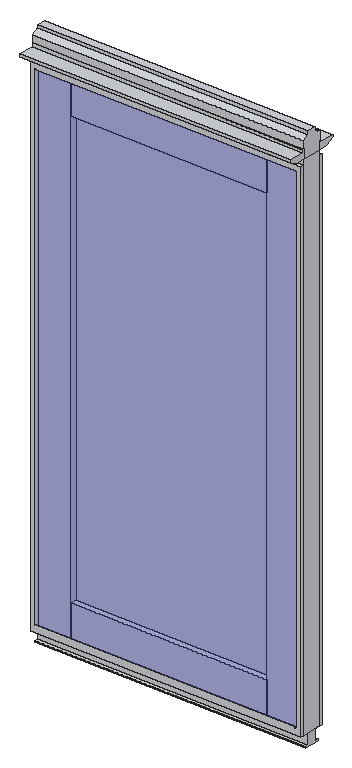
Revit family "Wall-Panel_Operable-Partition_Moderco_Crystal-Series", category Curtain Panels, Revit 2026
Family settings
  Classification Number = 23.25.40.17
  Always vertical = Yes
  Cut with Voids When Loaded = No
  Shared = No
Parameters (values of type "as Specified")
  blindsvisible [instance] = and(Include Interior Blinds, Blinds Visible)  # yes
  Warranty Duration (Years) = 0
  Use = "Single"
  URL = "http://moderco.com/"
  Type Comments = "Glazing is not included with the Wall Panel."
  Track Type [instance] = Overhead Tracks : Track 33 with W Trim
  Threshold Material [instance] = none
  Test Data = ""
  Stile Width [instance] = 0' - 6"
  Specification = "http://www.arcat.com/sdspecs/htm04/10_22_26mpi.htm"
  Send Message = ""
  Seal Height_Bottom [instance] = 0' - 2"
  Sales Information = "http://moderco.com/contact/"
  STC Rating [instance] = 0
  Revision = "R1_2015-09"
  Rail Height_Top [instance] = 0' - 6"
  Rail Height_Bottom [instance] = 0' - 6"
  Product Properties = ""
  Product Data = "http://www.arcat.com/arcatcos/cos34/arc34266.html"
  Panel Width [instance] = 3' - 8"
  Panel Thickness = 0' - 4"
  Panel Height [instance] = 7' - 2"
  Model = "Crystal"
  Max Height = 12' - 0"
  Manufacturer Website = "http://moderco.com/"
  Manufacturer Phone - Toll Free = "800-363-3150"
  Manufacturer Phone = "450-641-3150"
  Manufacturer Fax = "450-641-4965 or 800-231-4965"
  Manufacturer Address = "115 de Lauzon   Boucherville, QC, Canada J4B 1E7"
  Manufacturer = "Moderco, Inc"
  Maintenance Schedule (Months) = 0
  Keynote = "10 22 26"
  Interior Finish [instance] = none
  Installation-Fabrication = ""
  Installation Phase = ""
  Include Interior Blinds [instance] = yes
  Green Building-LEED = ""
  Glazing Type [instance] = "Glazing By Others as Specified"
  Glazing Tint [instance] = Glass
  Glazing Thickness = 0' - 0 1/4"
  Glazing Configuration [instance] = "as Specified"
  Frame Material [instance] = none
  Exterior Finish [instance] = none
  Expected Lifespan (Years) = 0
  Drawn By = "Sumex Design, Inc. / Robert S. Weygant, CSI, CDT, SCIP"
  Description = "Moderco Crystal Series Wall Panel as Specified"
  Copyright = "©Arcat Inc."
  Construction Details = "http://www.arcat.com/details/moderco/moderco.html?coid=34266"
  Building Codes = ""
  Blinds Visible [instance] = yes
  Blinds Finish [instance] = none
  Assembly Code = "C1010300"
Reference planes (in)
  plane 1 "Front": y = 0
  plane 2: z = 0
  plane 3 "Center (Left/Right)": x = 0
  plane 4 "Left": x = -22
  plane 5 "Right": x = 22
  plane 6 "Top": z = 86
  plane 7: y = 2
  plane 8: y = -2
  plane 9: z = 2
  plane 10: z = 85
  plane 11: x = -16
  plane 12: x = 16
  plane 13: z = 79
  plane 14: z = 8
Forms (in)
  Extrusion 1, solid, material "Glass" <- "Glazing Tint"
    sketch origin (22, 0, 0) x (0, -1, 0) y (0, 0, 1)
      loop
        line (1.875, 2) -> (1.875, 85) -> (1.75, 85) -> (1.75, 2) -> (1.875, 2)
    from 0 to 44
  Extrusion 2, solid, material <- "Exterior Finish"
    sketch origin (22, 0, 0) x (0, 1, 0) y (0, 0, -1)
      loop
        line (1.875, -2) -> (1.75, -2) -> (1.75, -85) -> (1.875, -85) -> (1.875, -2)
    from 0 to 44
  Extrusion 3, solid, material <- "Interior Finish"
    sketch origin (0, 0, 0) x (1, 0, 0) y (0, 1, 0)
      loop
        line (-22, 1.5) -> (-22, -1.5) -> (-16, -1.5) -> (-16, 1.5) -> (-22, 1.5)
      loop
        line (22, 1.5) -> (16, 1.5) -> (16, -1.5) -> (22, -1.5) -> (22, 1.5)
    from 2 to 86
  Extrusion 4, solid, material <- "Threshold Material"
    sketch origin (22, 0, 0) x (0, -1, 0) y (0, 0, 1)
      loop
        line (2, 2.87546) -> (-2, 2.87546) -> (-2, 3.12546) -> (-2.125, 3.12546) -> (-2.125, 2) -> (-0.75, 2) -> (-0.75, 0.25) -> (-1.25, 0.25) -> (-1.25, 0) -> (1.25, 0) -> (1.25, 0.25) -> (0.75, 0.25) -> (0.75, 2) -> (2.125, 2) -> (2.125, 3.12546) -> (2, 3.12546) -> (2, 2.87546)
    from 0 to 44
  Extrusion 5, solid, material <- "Threshold Material"
    sketch origin (22, 0, 0) x (0, -1, 0) y (0, 0, 1)
      loop
        line (2, 84.5) -> (2, 84.25) -> (2.125, 84.25) -> (2.125, 85.125) -> (0.875, 85.125) -> (0.875, 86) -> (-0.875, 86) -> (-0.875, 85.125) -> (-2.125, 85.125) -> (-2.125, 84.25) -> (-2, 84.25) -> (-2, 84.5) -> (2, 84.5)
    from 0 to 44
  Extrusion 6, solid, material <- "Threshold Material"
    sketch origin (0, 0, 0) x (1, 0, 0) y (0, 0, 1)
      loop
        line (-22, 85) -> (-22, 2) -> (-21.25, 2) -> (-21.25, 85) -> (-22, 85)
      loop
        line (22, 85) -> (21.25, 85) -> (21.25, 2) -> (22, 2) -> (22, 85)
    from -2.125 to 2.125
  Extrusion 7, solid, material <- "Interior Finish"
    sketch origin (22, 0, 0) x (0, -1, 0) y (0, 0, 1)
      loop
        line (1.5, 2.12546) -> (1.5, 8) -> (-1.5, 8) -> (-1.5, 2.12546) -> (1.5, 2.12546)
      loop
        line (1.5, 85) -> (-1.5, 85) -> (-1.5, 79) -> (1.5, 79) -> (1.5, 85)
    from 6 to 38
  Extrusion 8, solid, material <- "Blinds Finish", visible <- "blindsvisible"
    sketch origin (0, 0, 0) x (1, 0, 0) y (0, 0, 1)
      loop
        line (-16, 79) -> (-16, 8) -> (16, 8) -> (16, 79) -> (-16, 79)
    from -0.5 to 0.5
Cuts and joins
  joined: Extrusion 4, Extrusion 5, Extrusion 6
Text (in)
  text "Exterior" at (-54.29358, 31.38743, 0), in view "Ref. Level"
  text "Exterior" at (480, 41.53993, 89.60405), in view "Right"
  text "Exterior" at (-240, 57.82419, 105.78864), in view "Left"
Dimensions and locks (in)
  equal spacing: plane 4 "Left", plane 3 "Center (Left/Right)", plane 5 "Right"
  equal spacing: plane 7, plane 1 "Front", plane 8
  "Panel Thickness": plane 7 to plane 8
  "Panel Height": plane 6 "Top" to level
  "Panel Width": plane 4 "Left" to plane 5 "Right"
  "Seal Height_Bottom": plane 9 to plane 2
  locked: plane 8 to Extrusion 1 sketch curve at 0.25
  locked: Extrusion 2 sketch curve to plane 7 at 0.25
  locked: plane 7 to Extrusion 3 sketch curve at 0.5  (x2)
  locked: Extrusion 3 sketch curve to plane 8 at 0.5  (x2)
  locked: Extrusion 4 sketch curve to plane 8 at 0.125
  locked: plane 7 to Extrusion 4 sketch curve at 0.125
  Extrusion 4 sketch curve to plane 1 "Front" to Extrusion 4 sketch curve = 0' - 0 3/4" locked, 0' - 0 3/4" locked
  locked: plane 10 to plane 6 "Top" at 1
  Extrusion 5 sketch curve to plane 8 to Extrusion 5 sketch curve = 0' - 0 1/8" locked, 0' - 1 1/8"
  Extrusion 5 sketch curve to plane 7 to Extrusion 5 sketch curve = 0' - 1 1/8", 0' - 0 1/8" locked
  "Rail Height_Bottom": plane 14 to plane 9
  "Rail Height_Top": plane 10 to plane 13
  "Stile Width": plane 4 "Left" to plane 11
  "Stile Width": plane 12 to plane 5 "Right"
  Extrusion 4 sketch curve to plane 1 "Front" to Extrusion 4 sketch curve = 0' - 1 1/4" locked, 0' - 1 1/4" locked
  locked: plane 4 "Left" to Extrusion 6 sketch curve at 0.75
  locked: Extrusion 6 sketch curve to plane 5 "Right" at 0.75
  locked: plane 8 to Extrusion 1 sketch curve at 0.125
  locked: Extrusion 2 sketch curve to plane 7 at 0.125
  locked: Extrusion 7 sketch curve to plane 9 at 0.12546
  locked: plane 10 to Extrusion 7 sketch curve at 0
  aligned and locked: plane 3 "Center (Left/Right)" to nested 1
  aligned: plane 8 to Extrusion 1 sketch curve
  aligned and locked: Extrusion 2 sketch curve to plane 9
  aligned and locked: plane 9 to Extrusion 1 sketch curve
  aligned and locked: plane 4 "Left" to Extrusion 1
  aligned and locked: Extrusion 1 to plane 5 "Right"
  aligned and locked: plane 4 "Left" to Extrusion 2
  aligned and locked: Extrusion 2 to plane 5 "Right"
  aligned and locked: plane 4 "Left" to Extrusion 3 sketch curve
  aligned and locked: plane 5 "Right" to Extrusion 3 sketch curve
  aligned and locked: Extrusion 3 to plane 6 "Top"
  aligned and locked: Extrusion 3 to plane 9
  aligned and locked: plane 2 to Extrusion 4 sketch curve
  aligned and locked: plane 4 "Left" to Extrusion 4
  aligned and locked: Extrusion 4 to plane 5 "Right"
  aligned and locked: Extrusion 1 sketch curve to plane 10
  aligned and locked: plane 10 to Extrusion 2 sketch curve
  aligned and locked: plane 4 "Left" to Extrusion 5
  aligned and locked: Extrusion 5 to plane 5 "Right"
  aligned and locked: Extrusion 6 sketch curve to plane 4 "Left"
  aligned and locked: Extrusion 6 sketch curve to plane 10
  aligned and locked: plane 9 to Extrusion 6 sketch curve
  aligned and locked: Extrusion 6 sketch curve to plane 9
  aligned and locked: Extrusion 6 sketch curve to plane 5 "Right"
  aligned and locked: plane 10 to Extrusion 6 sketch curve
  aligned and locked: Extrusion 4 sketch curve to plane 9
  aligned and locked: plane 9 to Extrusion 4 sketch curve
  aligned and locked: plane 11 to Extrusion 3 sketch curve
  aligned and locked: plane 12 to Extrusion 3 sketch curve
  aligned and locked: plane 14 to Extrusion 7 sketch curve
  aligned and locked: Extrusion 7 sketch curve to plane 13
  aligned and locked: Extrusion 7 to plane 11
  aligned and locked: plane 12 to Extrusion 7
  aligned and locked: Extrusion 8 sketch curve to Extrusion 7  (x4)
Automatic sketch dimensions
  Extrusion 7 sketch curve to plane 7 = 0' - 0 1/2"  (x2)
  plane 8 to Extrusion 7 sketch curve = 0' - 0 1/2"  (x2)
  Extrusion 4 sketch curve to plane 7 = 0' - 0"
  Extrusion 4 sketch curve to plane 8 = 0' - 0"
  Extrusion 4 sketch curve to Extrusion 4 sketch curve = 0' - 0 1/4"  (x4)
  plane 9 to Extrusion 4 sketch curve = 0' - 0.87546"
  Extrusion 5 sketch curve to plane 7 = 0' - 0"
  Extrusion 5 sketch curve to plane 8 = 0' - 0"
  plane 6 "Top" to Extrusion 5 sketch curve = 0' - 0"
  plane 10 to Extrusion 5 sketch curve = 0' - 0 1/8"  (x2)
  Extrusion 5 sketch curve to plane 10 = 0' - 0 1/2"
  Extrusion 5 sketch curve to Extrusion 5 sketch curve = 0' - 0 1/4"  (x2)
Nested families (in)
  nested 1: "Overhead Tracks" at (0, 0, 0), length <- "Panel Width", Height <- "Panel Height", type <- "Track Type", finish <- "Frame Material", type "Track 33 with W Trim"
    with length 3' - 8", finish none, built-in parameter 1001300 7' - 2", track width 0' - 3 1/4", halftrackwidth 0' - 1 5/8", W Trim yes, No 552 no, No 33 yes, L Trim no
Definition of nested family "Overhead Tracks"
  Parameters
    track width = 0' - 3 1/8"
    length [instance] = 4' - 3.58097"
    halftrackwidth = track width / 2  # 0' - 1 9/16"
    finish [instance] = none
    W Trim = no
    No 556 = no
    No 552 = yes
    No 45 = no
    No 33 = no
    L Trim = yes
    Height [instance] = 5' - 5.60265"
    Default Elevation = 4' - 0"
    Assembly Code = ""
  Reference planes (in)
    plane 1 "Center (Front/Back)": y = 0
    plane 2: z = 0
    plane 3 "Center (Left/Right)": x = 0
    plane 4: z = 65.60265
    plane 5: x = -25.79049
    plane 6: x = 25.79049
  Forms (in)
    Extrusion 1, solid, material <- "finish", visible <- "No 33"
      sketch origin (0, 0, 0) x (0, 1, 0) y (0, 0, 1)
        loop
          line (1.625, 65.60265) -> (1.625, 68.34747) -> (0.75, 68.85265) -> (0.75, 69.35265) -> (-0.75, 69.35265) -> (-0.75, 68.85265) -> (-1.625, 68.34747) -> (-1.625, 65.60265) -> (1.625, 65.60265)
      from -25.79049 to 25.79049
    Extrusion 2, solid, material <- "finish", visible <- "L Trim"
      sketch origin (0, 0, 0) x (0, 1, 0) y (0, 0, 1)
        loop
          line (-1.5625, 65.60265) -> (-1.5625, 67.10265) -> (-1.6875, 67.10265) -> (-1.6875, 65.72765) -> (-3.0625, 65.72765) -> (-3.0625, 65.60265) -> (-1.5625, 65.60265)
        loop
          line (1.5625, 65.60265) -> (3.0625, 65.60265) -> (3.0625, 65.72765) -> (1.6875, 65.72765) -> (1.6875, 67.10265) -> (1.5625, 67.10265) -> (1.5625, 65.60265)
      from -25.79049 to 25.79049
    Extrusion 3, solid, material <- "finish", visible <- "W Trim"
      sketch origin (0, 0, 0) x (0, 1, 0) y (0, 0, 1)
        loop
          line (-1.5625, 65.60265) -> (-1.5625, 67.10265) -> (-1.6875, 67.10265) -> (-1.6875, 66.60265) -> (-4.1875, 66.60265) -> (-4.1875, 66.22765) -> (-3.10497, 65.60265) -> (-1.5625, 65.60265)
        loop
          line (1.5625, 65.60265) -> (3.10497, 65.60265) -> (4.1875, 66.22765) -> (4.1875, 66.60265) -> (1.6875, 66.60265) -> (1.6875, 67.10265) -> (1.5625, 67.10265) -> (1.5625, 65.60265)
      from -25.79049 to 25.79049
    Extrusion 4, solid, material <- "finish", visible <- "No 45"
      sketch origin (0, 0, 0) x (0, 1, 0) y (0, 0, 1)
        loop
          line (-1.125, 65.60265) -> (1.125, 65.60265) -> (1.125, 67.35265) -> (0.75, 67.35265) -> (0.75, 68.22765) -> (-0.75, 68.22765) -> (-0.75, 67.35265) -> (-1.125, 67.35265) -> (-1.125, 65.60265)
      from -25.79049 to 25.79049
    Extrusion 5, solid, material <- "finish", visible <- "No 552"
      sketch origin (0, 0, 0) x (0, 1, 0) y (0, 0, 1)
        loop
          line (1.5625, 65.60265) -> (1.5625, 68.85265) -> (1.25, 68.85265) -> (1.25, 69.35265) -> (-1.25, 69.35265) -> (-1.25, 68.85265) -> (-1.5625, 68.85265) -> (-1.5625, 65.60265) -> (1.5625, 65.60265)
      from -25.79049 to 25.79049
    Extrusion 6, solid, material <- "finish", visible <- "No 556"
      sketch origin (0, 0, 0) x (0, 1, 0) y (0, 0, 1)
        loop
          line (-1.5625, 65.60265) -> (1.5625, 65.60265) -> (1.5625, 70.29015) -> (1.4375, 70.29015) -> (1.4375, 71.04015) -> (-1.4375, 71.04015) -> (-1.4375, 70.29015) -> (-1.5625, 70.29015) -> (-1.5625, 65.60265)
      from -25.79049 to 25.79049
  Dimensions and locks (in)
    "Height": plane 4 to level
    equal spacing: plane 6, plane 3 "Center (Left/Right)", plane 5
    "length": plane 6 to plane 5
    "halftrackwidth": Extrusion 2 sketch curve to plane 1 "Center (Front/Back)"
    "halftrackwidth": plane 1 "Center (Front/Back)" to Extrusion 2 sketch curve
    Extrusion 2 sketch curve to Extrusion 2 sketch curve to Extrusion 2 sketch curve = 0' - 1 3/8" locked, 0' - 0 1/8" locked
    Extrusion 2 sketch curve to Extrusion 2 sketch curve to Extrusion 2 sketch curve = 0' - 0 1/8" locked, 0' - 1 3/8" locked
    Extrusion 3 sketch curve to Extrusion 3 sketch curve to Extrusion 3 sketch curve to Extrusion 3 sketch curve = 0' - 1.08253" locked, 0' - 1.41747" locked, 0' - 0 1/8" locked
    Extrusion 3 sketch curve to Extrusion 3 sketch curve to Extrusion 3 sketch curve to Extrusion 3 sketch curve = 0' - 0 1/8" locked, 0' - 1.41747" locked, 0' - 1.08253" locked
    "halftrackwidth": Extrusion 3 sketch curve to plane 1 "Center (Front/Back)"
    "halftrackwidth": plane 1 "Center (Front/Back)" to Extrusion 3 sketch curve
    aligned and locked: plane 2 to level
    aligned and locked: plane 6 to Extrusion 1
    aligned and locked: Extrusion 1 to plane 5
    aligned and locked: plane 6 to Extrusion 3
    aligned and locked: Extrusion 3 to plane 5
    aligned and locked: plane 6 to Extrusion 4
    aligned and locked: Extrusion 4 to plane 5
    aligned and locked: plane 6 to Extrusion 2
    aligned and locked: Extrusion 2 to plane 5
    aligned and locked: Extrusion 6 to plane 5
    aligned and locked: plane 6 to Extrusion 6
    aligned and locked: plane 6 to Extrusion 5
    aligned and locked: Extrusion 5 to plane 5
  Automatic sketch dimensions
    Extrusion 1 sketch curve to plane 4 = 0' - 0"
    plane 1 "Center (Front/Back)" to Extrusion 1 sketch curve = 0' - 1 5/8"
    plane 1 "Center (Front/Back)" to Extrusion 1 sketch curve = 0' - 0 3/4"
    Extrusion 1 sketch curve to plane 1 "Center (Front/Back)" = 0' - 0 3/4"
    Extrusion 1 sketch curve to Extrusion 1 sketch curve = 0' - 0 7/8"
    plane 4 to Extrusion 1 sketch curve = 0' - 2.74482"
    Extrusion 1 sketch curve to Extrusion 1 sketch curve = 0' - 0.50518"  (x2)
    Extrusion 1 sketch curve to Extrusion 1 sketch curve = 0' - 0 1/2"
    Extrusion 1 sketch curve to Extrusion 1 sketch curve = 0' - 1.00518"
    Extrusion 2 sketch curve to plane 4 = 0' - 0"  (x2)
    plane 4 to Extrusion 2 sketch curve = 0' - 0 1/8"  (x2)
    Extrusion 2 sketch curve to Extrusion 2 sketch curve = 0' - 1 3/8"  (x2)
    Extrusion 4 sketch curve to plane 4 = 0' - 0"
    plane 1 "Center (Front/Back)" to Extrusion 4 sketch curve = 0' - 0 3/4"
    plane 1 "Center (Front/Back)" to Extrusion 4 sketch curve = 0' - 1 1/8"
    Extrusion 4 sketch curve to Extrusion 4 sketch curve = 0' - 1 3/4"  (x2)
    Extrusion 4 sketch curve to Extrusion 4 sketch curve = 0' - 0 7/8"
    Extrusion 4 sketch curve to plane 1 "Center (Front/Back)" = 0' - 0 3/4"
    Extrusion 4 sketch curve to Extrusion 4 sketch curve = 0' - 0 3/8"
    Extrusion 3 sketch curve to plane 4 = 0' - 0"  (x2)
    plane 4 to Extrusion 3 sketch curve = 0' - 0 5/8"  (x2)
    plane 4 to Extrusion 3 sketch curve = 0' - 1"
    Extrusion 3 sketch curve to Extrusion 3 sketch curve = 0' - 0 3/8"
    Extrusion 3 sketch curve to Extrusion 3 sketch curve = 0' - 0 1/2"  (x2)
    Extrusion 5 sketch curve to plane 4 = 0' - 0"
    plane 1 "Center (Front/Back)" to Extrusion 5 sketch curve = 0' - 1 1/4"
    Extrusion 5 sketch curve to Extrusion 5 sketch curve = 0' - 0 5/16"
    plane 4 to Extrusion 5 sketch curve = 0' - 3 1/4"
    Extrusion 5 sketch curve to Extrusion 5 sketch curve = 0' - 0"
    Extrusion 5 sketch curve to Extrusion 5 sketch curve = 0' - 0 1/2"
    Extrusion 5 sketch curve to plane 1 "Center (Front/Back)" = 0' - 1 1/4"
    Extrusion 5 sketch curve to plane 1 "Center (Front/Back)" = 0' - 1 9/16"
    Extrusion 6 sketch curve to plane 4 = 0' - 0"
    plane 1 "Center (Front/Back)" to Extrusion 6 sketch curve = 0' - 1 7/16"
    plane 1 "Center (Front/Back)" to Extrusion 6 sketch curve = 0' - 1 9/16"
    Extrusion 6 sketch curve to Extrusion 6 sketch curve = 0' - 0 1/8"
    plane 4 to Extrusion 6 sketch curve = 0' - 4 11/16"
    Extrusion 6 sketch curve to Extrusion 6 sketch curve = 0' - 0"
    Extrusion 6 sketch curve to Extrusion 6 sketch curve = 0' - 0 3/4"
    Extrusion 6 sketch curve to plane 1 "Center (Front/Back)" = 0' - 1 7/16"
